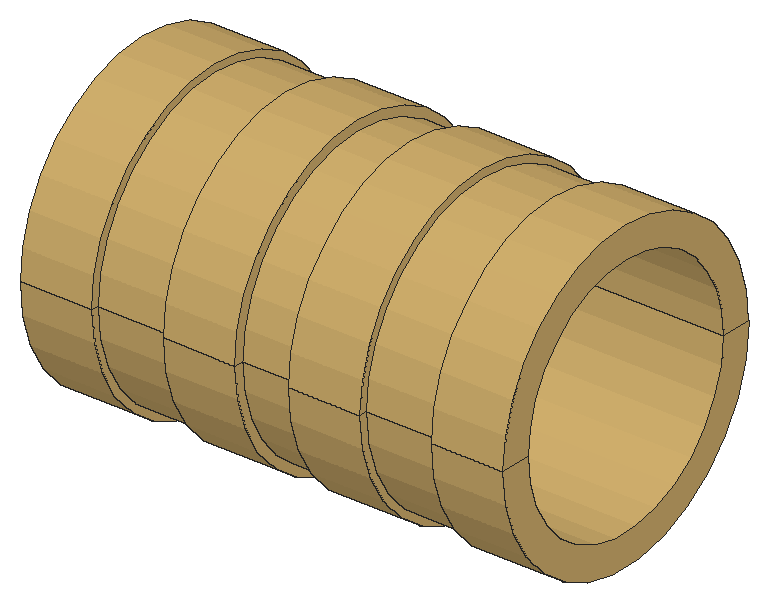
Revit family "UPEX_LuvaEmenda", category Pipe Fittings, Revit 2025
Family settings
  Round Connector Dimension = Use Radius
  Part Type = Union
  OmniClass Number = 23.60.30.11.14
  OmniClass Title = Pipework Fittings
  Work Plane-Based = No
  Always vertical = Yes
  Cut with Voids When Loaded = No
  Shared = No
Parameters
  URL = "https://www.ultrapex.com.br/_files/ugd/9f3173_32d47a29bbff48b5af4781a5d529eee8.pdf"
  ULTRAPEX: Versão = "00"  # constant formula
  ULTRAPEX: Norma Técnica = "NBR 15939"  # constant formula
  ULTRAPEX: Descrição [instance] = size_lookup(LookupTable, "DES", "Produto Inexistente", Diâmetro Nominal)  # "Luva de Emenda 16x16 mm - ULTRAPEX"
  ULTRAPEX: Código [instance] = size_lookup(LookupTable, "COD", 0, Diâmetro Nominal)  # 9051616
  Type Image = Luva de Emenda.jpg
  Raio Nominal [instance] = 8 mm
  Material = Latão - Ultrapex
  LookupTable = "Luva de Emenda - ULTRAPEX"
  IfcExportAs = "IfcPipeFittingType.CONNECTOR"  # constant formula
  Manufacturer = "UltraPEX"  # constant formula
  Espessura Separador [instance] = 3.50 mm  # constant formula
  Default Elevation = 0.00 mm
  Diâmetro Nominal [instance] = Raio Nominal * 2  # 16 mm
  Description = "Luva de Emenda - ULTRAPEX"
  Cota B [instance] = size_lookup(LookupTable, "B", 18.80 mm, Diâmetro Nominal)  # 18.80 mm
  Alerta [instance] = if(ULTRAPEX: Código = 0, 1 = 1, 1 = 0)  # no
Reference planes
  plane 1 "Centro (Frente/Trás)": y = 0
  plane 2: z = 0
  plane 3 "Centro (Esquerda/Direita)": x = 0
  plane 4: x = -1.75
  plane 5: x = 1.75
Forms (mm)
  Extrusion 1, solid, material "Latão - Ultrapex" <- "Material", detail levels fine
    sketch origin (-1.74, 0, 0) x (0, 1, 0) y (0, 0, 1)
      loop
        circle (0, 0) r 9.4
    from -0.01 to 3.49
Lines and regions (mm)
  model lines, detail levels coarse+medium
    curve 1: line (-1.75, 0, 0) -> (1.75, 0, 0)
    curve 2: line (0, -9.4, 0) -> (0, 9.4, 0)
Dimensions and locks
  equal spacing: plane 4, plane 3 "Centro (Esquerda/Direita)", plane 5
  "Espessura Separador": plane 4 to plane 5
  equal spacing: curve 2, plane 1 "Centro (Frente/Trás)", curve 2
  "Cota B": curve 2 to curve 2
  "Cota B": diameter of Extrusion 1 sketch curve
  aligned and locked: level to plane 2
  aligned and locked: plane 4 to Extrusion 1
  aligned and locked: Extrusion 1 to plane 5
  aligned and locked: nested 1 to plane 4
  aligned and locked: plane 5 to nested 2
  aligned and locked: plane 4 to curve 1
  aligned and locked: plane 5 to curve 1
Automatic sketch dimensions
  curve 2 to plane 3 "Centro (Esquerda/Direita)" = 0.00 mm
  plane 1 "Centro (Frente/Trás)" to curve 1 = 0.00 mm
  Extrusion 1 sketch curve to level = 0.00 mm
  Extrusion 1 sketch curve to plane 1 "Centro (Frente/Trás)" = 0.00 mm
Nested families
  nested 1: "Anel Deslizante - ULTRAPEX" at (-1.75, 0, 0) x (0, 1, 0) z (0, 0, 1), Diâmetro Nominal <- "Diâmetro Nominal", type "Anel Deslizante - ULTRAPEX", detail levels medium+fine
    with ULTRAPEX: Descrição "Anel Deslizante 16 mm - ULTRAPEX", ULTRAPEX: Código 9040016, Diâmetro Nominal 16 mm, DN 16.00 mm, Cota C 4.667 mm, Cota B 14.00 mm, Cota A 20.00 mm
  nested 2: "Anel Deslizante - ULTRAPEX" at (1.75, 0, 0) x (0, -1, 0) z (0, 0, 1), Diâmetro Nominal <- "Diâmetro Nominal", type "Anel Deslizante - ULTRAPEX", detail levels medium+fine
    with ULTRAPEX: Descrição "Anel Deslizante 16 mm - ULTRAPEX", ULTRAPEX: Código 9040016, Diâmetro Nominal 16 mm, DN 16.00 mm, Cota C 4.667 mm, Cota B 14.00 mm, Cota A 20.00 mm
Connectors
  piping at (-1.75, 0, 0), diameter 16, driven by "Raio Nominal"
    settings: on nested 1, index 1, connector inside diameter 609.6 mm, connector length 0.00 mm, flow factor 0, pipe flow 0.0 L/s, pressure drop 0.0 Pa, fitting loss kfactor 0, connector angle 0.00°, fixture units 0, engagement length 0.00 mm, angle of deflection 0.00°, flow configuration 0, flow direction 0, fitting loss method 0, system type 28, joint type 0, gender type 0, connector reference index -1, connector utility 0, adjustable connector no, is connector primary yes, connector description ""
  piping at (1.75, 0, 0), diameter 16, driven by "Raio Nominal"
    settings: on nested 2, index 2, connector inside diameter 609.6 mm, connector length 0.00 mm, flow factor 0, pipe flow 0.0 L/s, pressure drop 0.0 Pa, fitting loss kfactor 0, connector angle 0.00°, fixture units 0, engagement length 0.00 mm, angle of deflection 0.00°, flow configuration 0, flow direction 0, fitting loss method 0, system type 28, joint type 0, gender type 0, connector reference index -1, connector utility 0, adjustable connector no, is connector primary no, connector description ""
Definition of nested family "Anel Deslizante - ULTRAPEX"
  Parameters (values of type "Anel Deslizante - ULTRAPEX")
    URL = "https://www.ultrapex.com.br/_files/ugd/9f3173_32d47a29bbff48b5af4781a5d529eee8.pdf"
    ULTRAPEX: Versão = "00"  # constant formula
    ULTRAPEX: Norma Técnica = "NBR 15939"  # constant formula
    ULTRAPEX: Descrição [instance] = size_lookup(LookupTable, "DES", "Produto Inexistente", Diâmetro Nominal)  # "Anel Deslizante 16 mm - ULTRAPEX"
    ULTRAPEX: Código [instance] = size_lookup(LookupTable, "COD", 0, Diâmetro Nominal)  # 9040016
    Type Image = element 278382
    Material = none
    LookupTable = "Anel Deslizante - ULTRAPEX"  # constant formula
    IfcExportAs = "IfcPipeFittingType.CONNECTOR"  # constant formula
    Manufacturer = "UltraPEX"  # constant formula
    Default Elevation = 0.00 mm
    Diâmetro Nominal [instance] = 16 mm
    Description = "Anel Deslizante - ULTRAPEX"
    DN [instance] = size_lookup(LookupTable, "DN", 16.00 mm, Diâmetro Nominal)  # 16.00 mm
    Cota C [instance] = Cota B / 3  # 4.667 mm
    Cota B [instance] = size_lookup(LookupTable, "B", 14.00 mm, Diâmetro Nominal)  # 14.00 mm
    Cota A [instance] = size_lookup(LookupTable, "A", 20.00 mm, Diâmetro Nominal)  # 20.00 mm
  Reference planes
    plane 1 "Centro (Frente/Trás)": y = 0
    plane 2: z = 0
    plane 3 "Centro (Esquerda/Direita)": x = 0
    plane 4: x = 8
    plane 5: x = -8
    plane 6: x = -10
    plane 7: x = 10
    plane 8: y = 14
  Forms (mm)
    Revolve 1, solid, material <- "Material", detail levels fine
      sketch origin (0, 0, 0) x (1, 0, 0) y (0, 1, 0)
        loop
          line (10, 0) -> (10, 14) -> (8, 14) -> (8, 0) -> (10, 0)
        axis (0, 0) -> (0, 14)
      angle from 0 to 360
    Revolve 2, void
      sketch origin (0, 0, 0) x (1, 0, 0) y (0, 1, 0)
        loop
          line (-10.952, 9.333) -> (-10.952, 4.667) -> (-9.524, 4.667) -> (-9.524, 9.333) -> (-10.952, 9.333)
        axis (0, 4.667) -> (0, 9.333)
      angle from 0 to 360
  Cuts and joins
    Revolve 2 cuts Revolve 1
  Lines and regions (mm)
    model lines, detail levels coarse+medium
      curve 1: line (0, 0, 0) -> (0, 14, 0)
  Dimensions and locks
    "DN": plane 5 to plane 4
    "Cota A": plane 6 to plane 7
    equal spacing: plane 6, plane 3 "Centro (Esquerda/Direita)", plane 7
    equal spacing: plane 5, plane 3 "Centro (Esquerda/Direita)", plane 4
    "Cota B": plane 1 "Centro (Frente/Trás)" to plane 8
    "Cota C": Revolve 2 sketch curve to plane 8
    "Cota C": plane 1 "Centro (Frente/Trás)" to Revolve 2 sketch curve
    locked: plane 6 to Revolve 2 sketch curve at 0.476
    locked: Revolve 2 sketch curve to Revolve 2 sketch curve at 1.428
    aligned and locked: level to plane 2
    aligned and locked: plane 3 "Centro (Esquerda/Direita)" to Revolve 1 sketch curve
    aligned and locked: Revolve 1 sketch curve to plane 7
    aligned and locked: plane 4 to Revolve 1 sketch curve
    aligned and locked: plane 1 "Centro (Frente/Trás)" to Revolve 1 sketch curve
    aligned and locked: plane 8 to Revolve 1 sketch curve
    aligned and locked: plane 8 to curve 1
    aligned and locked: plane 1 "Centro (Frente/Trás)" to curve 1
  Automatic sketch dimensions
    plane 1 "Centro (Frente/Trás)" to Revolve 1 sketch curve = 0.00 mm
    Revolve 1 sketch curve to Revolve 1 sketch curve = 0.00 mm
    curve 1 to plane 3 "Centro (Esquerda/Direita)" = 0.00 mm
    Revolve 2 sketch curve to plane 3 "Centro (Esquerda/Direita)" = 0.00 mm
    plane 1 "Centro (Frente/Trás)" to Revolve 2 sketch curve = 0.00 mm
    plane 8 to Revolve 2 sketch curve = 2.253 mm
